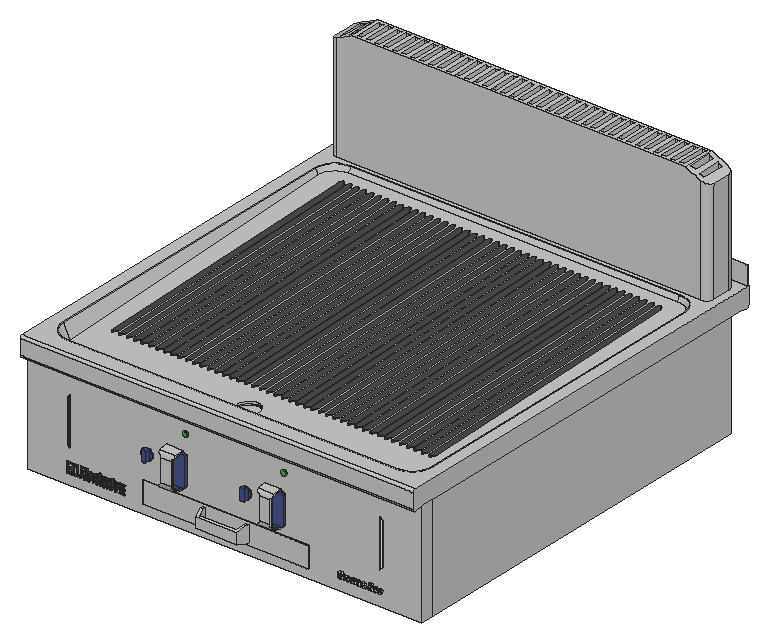
Revit family "QF_ELECTROLUXPROFESSIONAL_593110_MBHNBBHOVO", category Specialty Equipment, Revit 2014
Parameters
  Weight in Pounds = 487.22
  URL Cutsheet = ""
  Type Mark [instance] = ""
  Specification by User [instance] = ""
  Specification by Manufacturer = ""
  Serial Number = ""
  Seismic Rating = ""
  SMACNA No = ""
  Revision Code [instance] = ""
  Omniclass Number and Title = ""
  NAFEM Spec ID Number = ""
  Model = "588557"
  Masterspec = ""
  Manufacturer = "Electrolux Professional"
  Item Number [instance] = ""
  Installed By [instance] = ""
  Identify Quantity as Lot [instance] = yes
  Furnished By [instance] = ""
  Foodservice Equipment Identifier [instance] = yes
  Description = ""
  CSI MasterFormat = ""
  CSI Master Format = ""
Reference planes
  plane 1 "BACK": y = 0
  plane 2: z = 0
  plane 3 "LEFT": x = 0
  plane 4 "RIGHT": x = 800
  plane 5 "FRONT": y = -850
  plane 6 "TOP": z = 900
  plane 7 "Center (Left/Right)": x = 400
  plane 8: y = -425
  plane 9: y = -150
  plane 10: y = -65
  plane 11: y = -813
  plane 12 "GasY": y = -540
  plane 13: z = 938
  plane 14 "BaseTop": z = 650
  plane 15: y = -805
  plane 16 "Camino": y = -50
  plane 17: z = 1131
  plane 18 "GASx": x = 764
  plane 19 "PlaneRibbed": through (-6096, -91.999, 890) normal (0, -0.0262, 0.9997)
Forms (mm)
  Extrusion 1, solid, material "QF_Finishes_Stainless Steel"
    sketch origin (-178.969, -4572, 100) x (-1, 0, 0) y (0, -1, 0)
      loop
        line (-178.969, -4527) -> (-178.969, -3767) -> (-978.969, -3767) -> (-978.969, -4527) -> (-178.969, -4527)
    from 550 to 762.969
  Extrusion 2, solid, material "QF_Finishes_Stainless Steel"
    sketch origin (400, 296.4, 1219.2) x (0, 1, 0) y (0, 0, 1)
      loop
        line (-296.4, -319.2) -> (-1141.4, -319.2)
        arc (-1141.4, -319.2) -> (-1144.935, -320.664) -> (-1146.4, -324.2) r 5
        line (-1146.4, -324.2) -> (-1146.4, -355.2)
        arc (-1146.4, -355.2) -> (-1144.971, -358.264) -> (-1141.705, -359.139) r 4
        line (-1141.705, -359.139) -> (-1126.4, -356.231) -> (-316.4, -356.231) -> (-301.094, -359.139)
        arc (-301.094, -359.139) -> (-297.829, -358.264) -> (-296.4, -355.2) r 4
        line (-296.4, -355.2) -> (-296.4, -319.2)
    from -400 to 400
  Extrusion 3, void
    sketch origin (0, 0, 900) x (-1, 0, 0) y (0, -1, 0)
      loop
        arc (-65, 92) -> (-36.716, 103.716) -> (-25, 132) r 40
        line (-25, 132) -> (-25, 773)
        arc (-25, 773) -> (-36.716, 801.284) -> (-65, 813) r 40
        line (-65, 813) -> (-735, 813)
        arc (-735, 813) -> (-763.284, 801.284) -> (-775, 773) r 40
        line (-775, 773) -> (-775, 132)
        arc (-775, 132) -> (-763.284, 103.716) -> (-735, 92) r 40
        line (-735, 92) -> (-65, 92)
    from 0 to -30
  Extrusion 4, solid, material "QF_Finishes_Stainless Steel"
    sketch origin (400, 296.4, 1219.2) x (0, 1, 0) y (0, 0, 1)
      loop
        line (-296.4, -319.2) -> (-296.4, -281.2) -> (-298.4, -281.2) -> (-298.4, -319.2) -> (-296.4, -319.2)
    from 400 to -400
  Extrusion 5, solid, material "QF_Finishes_Stainless Steel"
    sketch origin (9, 0, 650) x (-1, 0, 0) y (0, -1, 0)
      loop
        circle (-755, 540) r 10.1
    from 0 to -10
  Sweep 6, solid, material "QF_Finishes_Stainless Steel"
    path origin (0, 0, 900) x (-1, 0, 0) y (0, -1, 0)
      loop
        line (-25, 132) -> (-25, 773)
        arc (-25, 773) -> (-36.716, 801.284) -> (-65, 813) r 40
        line (-65, 813) -> (-735, 813)
        arc (-735, 813) -> (-763.284, 801.284) -> (-775, 773) r 40
        line (-775, 773) -> (-775, 132)
        arc (-775, 132) -> (-763.284, 103.716) -> (-735, 92) r 40
        line (-735, 92) -> (-65, 92)
        arc (-65, 92) -> (-36.716, 103.716) -> (-25, 132) r 40
    profile origin (25, -452.5, 900) x (1, 0, 0) y (0, 0, 1)
      loop
        line (0, 0) -> (0, -30) -> (15, -30) -> (0, 0)
  Extrusion 7, void
    sketch origin (305.009, 0, 900) x (-1, 0, 0) y (0, -1, 0)
      loop
        circle (-94.991, 769) r 22.248
    from -32.282 to -6.62
  Extrusion 8, solid, material "QF_Finishes_Stainless Steel"
    sketch origin (0, -50, 900) x (1, 0, 0) y (0, 0, 1)
      loop
        line (15, 0) -> (785, 0) -> (785, 209.869) -> (739.685, 231) -> (60.315, 231) -> (15, 209.869) -> (15, 0)
    from 33 to -33
  Extrusion 9, void
    sketch origin (0, 0, 900) x (-1, 0, 0) y (0, -1, 0)
      loop
        line (-15, 83) -> (-30, 83)
        arc (-30, 83) -> (-19.393, 78.607) -> (-15, 68) r 15
        line (-15, 68) -> (-15, 83)
      loop
        line (-15, 17) -> (-15, 32)
        arc (-15, 32) -> (-19.393, 21.393) -> (-30, 17) r 15
        line (-30, 17) -> (-15, 17)
      loop
        line (-785, 83) -> (-785, 68)
        arc (-785, 68) -> (-780.607, 78.607) -> (-770, 83) r 15
        line (-770, 83) -> (-785, 83)
      loop
        line (-785, 17) -> (-770, 17)
        arc (-770, 17) -> (-780.607, 21.393) -> (-785, 32) r 15
        line (-785, 32) -> (-785, 17)
      loop
        line (-413.234, 23) -> (-413.234, 77) -> (-423.234, 77) -> (-423.234, 23) -> (-413.234, 23)
      loop
        line (-395, 23) -> (-395, 77) -> (-405, 77) -> (-405, 23) -> (-395, 23)
      loop
        line (-431.469, 23) -> (-431.469, 77) -> (-441.469, 77) -> (-441.469, 23) -> (-431.469, 23)
      loop
        line (-449.703, 23) -> (-449.703, 77) -> (-459.703, 77) -> (-459.703, 23) -> (-449.703, 23)
      loop
        line (-467.938, 23) -> (-467.938, 77) -> (-477.938, 77) -> (-477.938, 23) -> (-467.938, 23)
      loop
        line (-486.172, 23) -> (-486.172, 77) -> (-496.172, 77) -> (-496.172, 23) -> (-486.172, 23)
      loop
        line (-504.406, 23) -> (-504.406, 77) -> (-514.406, 77) -> (-514.406, 23) -> (-504.406, 23)
      loop
        line (-522.641, 23) -> (-522.641, 77) -> (-532.641, 77) -> (-532.641, 23) -> (-522.641, 23)
      loop
        line (-540.875, 23) -> (-540.875, 77) -> (-550.875, 77) -> (-550.875, 23) -> (-540.875, 23)
      loop
        line (-559.109, 23) -> (-559.109, 77) -> (-569.109, 77) -> (-569.109, 23) -> (-559.109, 23)
      loop
        line (-577.344, 23) -> (-577.344, 77) -> (-587.344, 77) -> (-587.344, 23) -> (-577.344, 23)
      loop
        line (-595.578, 23) -> (-595.578, 77) -> (-605.578, 77) -> (-605.578, 23) -> (-595.578, 23)
      loop
        line (-613.813, 23) -> (-613.813, 77) -> (-623.813, 77) -> (-623.813, 23) -> (-613.813, 23)
      loop
        line (-632.047, 23) -> (-632.047, 77) -> (-642.047, 77) -> (-642.047, 23) -> (-632.047, 23)
      loop
        line (-650.281, 23) -> (-650.281, 77) -> (-660.281, 77) -> (-660.281, 23) -> (-650.281, 23)
      loop
        line (-668.516, 23) -> (-668.516, 77) -> (-678.516, 77) -> (-678.516, 23) -> (-668.516, 23)
      loop
        line (-686.75, 23) -> (-686.75, 77) -> (-696.75, 77) -> (-696.75, 23) -> (-686.75, 23)
      loop
        line (-704.985, 23) -> (-704.985, 77) -> (-714.985, 77) -> (-714.985, 23) -> (-704.985, 23)
      loop
        line (-723.219, 23) -> (-723.219, 77) -> (-733.219, 77) -> (-733.219, 23) -> (-723.219, 23)
      loop
        line (-741.453, 26) -> (-741.453, 74) -> (-751.453, 74) -> (-751.453, 26) -> (-741.453, 26)
      loop
        line (-759.688, 26) -> (-759.688, 74) -> (-769.688, 74) -> (-769.688, 26) -> (-759.688, 26)
      loop
        line (-386.766, 23) -> (-376.766, 23) -> (-376.766, 77) -> (-386.766, 77) -> (-386.766, 23)
      loop
        line (-368.531, 23) -> (-358.531, 23) -> (-358.531, 77) -> (-368.531, 77) -> (-368.531, 23)
      loop
        line (-350.297, 23) -> (-340.297, 23) -> (-340.297, 77) -> (-350.297, 77) -> (-350.297, 23)
      loop
        line (-332.062, 23) -> (-322.062, 23) -> (-322.062, 77) -> (-332.062, 77) -> (-332.062, 23)
      loop
        line (-313.828, 23) -> (-303.828, 23) -> (-303.828, 77) -> (-313.828, 77) -> (-313.828, 23)
      loop
        line (-295.594, 23) -> (-285.594, 23) -> (-285.594, 77) -> (-295.594, 77) -> (-295.594, 23)
      loop
        line (-277.359, 23) -> (-267.359, 23) -> (-267.359, 77) -> (-277.359, 77) -> (-277.359, 23)
      loop
        line (-259.125, 23) -> (-249.125, 23) -> (-249.125, 77) -> (-259.125, 77) -> (-259.125, 23)
      loop
        line (-240.891, 23) -> (-230.891, 23) -> (-230.891, 77) -> (-240.891, 77) -> (-240.891, 23)
      loop
        line (-222.656, 23) -> (-212.656, 23) -> (-212.656, 77) -> (-222.656, 77) -> (-222.656, 23)
      loop
        line (-204.422, 23) -> (-194.422, 23) -> (-194.422, 77) -> (-204.422, 77) -> (-204.422, 23)
      loop
        line (-186.187, 23) -> (-176.187, 23) -> (-176.187, 77) -> (-186.187, 77) -> (-186.187, 23)
      loop
        line (-167.953, 23) -> (-157.953, 23) -> (-157.953, 77) -> (-167.953, 77) -> (-167.953, 23)
      loop
        line (-149.719, 23) -> (-139.719, 23) -> (-139.719, 77) -> (-149.719, 77) -> (-149.719, 23)
      loop
        line (-131.484, 23) -> (-121.484, 23) -> (-121.484, 77) -> (-131.484, 77) -> (-131.484, 23)
      loop
        line (-113.25, 23) -> (-103.25, 23) -> (-103.25, 77) -> (-113.25, 77) -> (-113.25, 23)
      loop
        line (-95.015, 23) -> (-85.015, 23) -> (-85.015, 77) -> (-95.015, 77) -> (-95.015, 23)
      loop
        line (-76.781, 23) -> (-66.781, 23) -> (-66.781, 77) -> (-76.781, 77) -> (-76.781, 23)
      loop
        line (-58.547, 26) -> (-48.547, 26) -> (-48.547, 74) -> (-58.547, 74) -> (-58.547, 26)
      loop
        line (-40.312, 26) -> (-30.312, 26) -> (-30.312, 74) -> (-40.312, 74) -> (-40.312, 26)
    from 231 to 0
  Extrusion 10, solid, material "QF_Finishes_Stainless Steel"
    sketch origin (400, 296.4, 1219.2) x (0, 1, 0) y (0, 0, 1)
      loop
        line (-1109.4, -349.2) -> (-388.4, -349.2) -> (-388.4, -329.2) -> (-1109.4, -347.5) -> (-1109.4, -349.2)
    from -375 to 375
  Extrusion 11, void
    sketch origin (305.009, 0, 900) x (-1, 0, 0) y (0, -1, 0)
      loop
        circle (-94.991, 769) r 22.248
    from -32.282 to -6.62
Cuts and joins
  Extrusion 3, Extrusion 7, Extrusion 9, Extrusion 11 cuts Extrusion 2
  Extrusion 9 cuts Extrusion 8
  Extrusion 11 cuts Sweep 6
  Extrusion 11 cuts Extrusion 10
  joined: Sweep 6, Extrusion 10
Lines and regions (mm)
  symbolic lines
    curve 1: line (0, 0, 100) -> (800, 0, 100)
    curve 2: line (0, -850, 100) -> (0, 0, 100)
    curve 3: line (800, -850, 100) -> (0, -850, 100)
    curve 4: line (800, 0, 100) -> (800, -850, 100)
    curve 5: line (0, -2, 0) -> (800, -2, 0)
    curve 6: line (734.029, -92, 0) -> (65.29, -92, 0)
    curve 7: line (65.29, -813, 0) -> (734.029, -813, 0)
    curve 8: line (65, -107, 900) -> (735, -107, 900)
    curve 9: line (735, -798, 900) -> (65, -798, 900)
    curve 10: arc (760, -773, 900) -> (752.678, -790.678, 900) -> (735, -798, 900) r 25
    curve 11: line (760, -132, 900) -> (760, -773, 900)
    curve 12: arc (735, -107, 900) -> (752.678, -114.322, 900) -> (760, -132, 900) r 25
    curve 13: circle (400, -769, 900) r 22.248 normal (0, 0, 1)
    curve 14: arc (90.5, -112.483, 900) -> (62.314, -124.096, 900) -> (50.5, -152.198, 900) r 39.994
    curve 15: line (90.5, -112.482, 900) -> (710.5, -112.482, 900)
    curve 16: line (50.5, -686.082, 900) -> (50.5, -152.198, 900)
    curve 17: arc (50.5, -686.082, 900) -> (62.314, -714.184, 900) -> (90.5, -725.797, 900) r 39.994
    curve 18: line (710.5, -725.798, 900) -> (90.5, -725.798, 900)
    curve 19: line (40.29, -731.526, 900) -> (760, -731.526, 900)
    curve 20: line (40.29, -741.526, 900) -> (760, -741.526, 900)
    curve 21: arc (65, -92, 900) -> (36.716, -103.716, 900) -> (25, -132, 900) r 40
    curve 22: line (25, -132, 900) -> (25, -773, 900)
    curve 23: arc (25, -773, 900) -> (36.716, -801.284, 900) -> (65, -813, 900) r 40
    curve 24: arc (735, -813, 900) -> (763.284, -801.284, 900) -> (775, -773, 900) r 40
    curve 25: line (775, -773, 900) -> (775, -132, 900)
    curve 26: arc (775, -132, 900) -> (763.284, -103.716, 900) -> (735, -92, 900) r 40
    curve 27: arc (709.5, -112.483, 900) -> (737.686, -124.096, 900) -> (749.5, -152.198, 900) r 39.994
    curve 28: line (749.5, -686.082, 900) -> (749.5, -152.198, 900)
    curve 29: arc (749.5, -686.082, 900) -> (737.686, -714.184, 900) -> (709.5, -725.797, 900) r 39.994
    curve 30: arc (65, -798, 900) -> (47.322, -790.678, 900) -> (40, -773, 900) r 25
    curve 31: line (40, -773, 900) -> (40, -132, 900)
    curve 32: arc (40, -132, 900) -> (47.322, -114.322, 900) -> (65, -107, 900) r 25
    curve 33: line (30, -83, 650) -> (770, -83, 650)
    curve 34: line (770, -17, 650) -> (30, -17, 650)
    curve 35: arc (15, -32, 650) -> (19.393, -21.393, 650) -> (30, -17, 650) r 15
    curve 36: line (15, -32, 650) -> (15, -68, 650)
    curve 37: arc (30, -83, 650) -> (19.393, -78.607, 650) -> (15, -68, 650) r 15
    curve 38: arc (785, -68, 650) -> (780.607, -78.607, 650) -> (770, -83, 650) r 15
    curve 39: line (785, -68, 650) -> (785, -32, 650)
    curve 40: arc (770, -17, 650) -> (780.607, -21.393, 650) -> (785, -32, 650) r 15
    curve 41: line (30.312, -26, 650) -> (30.312, -74, 650)
    curve 42: line (40.312, -26, 650) -> (30.312, -26, 650)
    curve 43: line (30.312, -74, 650) -> (40.312, -74, 650)
    curve 44: line (40.312, -74, 650) -> (40.312, -26, 650)
    curve 45: line (48.547, -74, 650) -> (58.547, -74, 650)
    curve 46: line (48.547, -26, 650) -> (48.547, -74, 650)
    curve 47: line (58.547, -26, 650) -> (48.547, -26, 650)
    curve 48: line (58.547, -74, 650) -> (58.547, -26, 650)
    curve 49: line (66.781, -23, 650) -> (66.781, -77, 650)
    curve 50: line (66.781, -23, 650) -> (76.781, -23, 650)
    curve 51: line (76.781, -23, 650) -> (76.781, -77, 650)
    curve 52: line (76.781, -77, 650) -> (66.781, -77, 650)
    curve 53: line (85.015, -23, 650) -> (85.015, -77, 650)
    curve 54: line (85.015, -23, 650) -> (95.015, -23, 650)
    curve 55: line (95.015, -23, 650) -> (95.015, -77, 650)
    curve 56: line (95.015, -77, 650) -> (85.015, -77, 650)
    curve 57: line (103.25, -23, 650) -> (103.25, -77, 650)
    curve 58: line (103.25, -23, 650) -> (113.25, -23, 650)
    curve 59: line (113.25, -23, 650) -> (113.25, -77, 650)
    curve 60: line (113.25, -77, 650) -> (103.25, -77, 650)
    curve 61: line (121.484, -23, 650) -> (121.484, -77, 650)
    curve 62: line (121.484, -23, 650) -> (131.484, -23, 650)
    curve 63: line (131.484, -23, 650) -> (131.484, -77, 650)
    curve 64: line (131.484, -77, 650) -> (121.484, -77, 650)
    curve 65: line (139.719, -23, 650) -> (139.719, -77, 650)
    curve 66: line (139.719, -23, 650) -> (149.719, -23, 650)
    curve 67: line (149.719, -23, 650) -> (149.719, -77, 650)
    curve 68: line (149.719, -77, 650) -> (139.719, -77, 650)
    curve 69: line (157.953, -23, 650) -> (157.953, -77, 650)
    curve 70: line (157.953, -23, 650) -> (167.953, -23, 650)
    curve 71: line (167.953, -23, 650) -> (167.953, -77, 650)
    curve 72: line (167.953, -77, 650) -> (157.953, -77, 650)
    curve 73: line (176.187, -23, 650) -> (176.187, -77, 650)
    curve 74: line (176.187, -23, 650) -> (186.187, -23, 650)
    curve 75: line (186.187, -23, 650) -> (186.187, -77, 650)
    curve 76: line (186.187, -77, 650) -> (176.187, -77, 650)
    curve 77: line (194.422, -23, 650) -> (194.422, -77, 650)
    curve 78: line (194.422, -23, 650) -> (204.422, -23, 650)
    curve 79: line (204.422, -23, 650) -> (204.422, -77, 650)
    curve 80: line (204.422, -77, 650) -> (194.422, -77, 650)
    curve 81: line (212.656, -23, 650) -> (212.656, -77, 650)
    curve 82: line (212.656, -23, 650) -> (222.656, -23, 650)
    curve 83: line (222.656, -23, 650) -> (222.656, -77, 650)
    curve 84: line (222.656, -77, 650) -> (212.656, -77, 650)
    curve 85: line (230.891, -23, 650) -> (230.891, -77, 650)
    curve 86: line (230.891, -23, 650) -> (240.891, -23, 650)
    curve 87: line (240.891, -23, 650) -> (240.891, -77, 650)
    curve 88: line (240.891, -77, 650) -> (230.891, -77, 650)
    curve 89: line (249.125, -23, 650) -> (249.125, -77, 650)
    curve 90: line (249.125, -23, 650) -> (259.125, -23, 650)
    curve 91: line (259.125, -23, 650) -> (259.125, -77, 650)
    curve 92: line (259.125, -77, 650) -> (249.125, -77, 650)
    curve 93: line (267.359, -23, 650) -> (267.359, -77, 650)
    curve 94: line (267.359, -23, 650) -> (277.359, -23, 650)
    curve 95: line (277.359, -23, 650) -> (277.359, -77, 650)
    curve 96: line (277.359, -77, 650) -> (267.359, -77, 650)
    curve 97: line (285.594, -23, 650) -> (285.594, -77, 650)
    curve 98: line (285.594, -23, 650) -> (295.594, -23, 650)
    curve 99: line (295.594, -23, 650) -> (295.594, -77, 650)
    curve 100: line (295.594, -77, 650) -> (285.594, -77, 650)
    curve 101: line (303.828, -23, 650) -> (303.828, -77, 650)
    curve 102: line (303.828, -23, 650) -> (313.828, -23, 650)
    curve 103: line (313.828, -23, 650) -> (313.828, -77, 650)
    curve 104: line (313.828, -77, 650) -> (303.828, -77, 650)
    curve 105: line (322.062, -23, 650) -> (322.062, -77, 650)
    curve 106: line (322.062, -23, 650) -> (332.062, -23, 650)
    curve 107: line (332.062, -23, 650) -> (332.062, -77, 650)
    curve 108: line (332.062, -77, 650) -> (322.062, -77, 650)
    curve 109: line (340.297, -23, 650) -> (340.297, -77, 650)
    curve 110: line (340.297, -23, 650) -> (350.297, -23, 650)
    curve 111: line (350.297, -23, 650) -> (350.297, -77, 650)
    curve 112: line (350.297, -77, 650) -> (340.297, -77, 650)
    curve 113: line (358.531, -23, 650) -> (358.531, -77, 650)
    curve 114: line (358.531, -23, 650) -> (368.531, -23, 650)
    curve 115: line (368.531, -23, 650) -> (368.531, -77, 650)
    curve 116: line (368.531, -77, 650) -> (358.531, -77, 650)
    curve 117: line (376.766, -23, 650) -> (376.766, -77, 650)
    curve 118: line (376.766, -23, 650) -> (386.766, -23, 650)
    curve 119: line (386.766, -23, 650) -> (386.766, -77, 650)
    curve 120: line (386.766, -77, 650) -> (376.766, -77, 650)
    curve 121: line (395, -23, 650) -> (395, -77, 650)
    curve 122: line (395, -23, 650) -> (405, -23, 650)
    curve 123: line (405, -23, 650) -> (405, -77, 650)
    curve 124: line (405, -77, 650) -> (395, -77, 650)
    curve 125: line (413.234, -23, 650) -> (413.234, -77, 650)
    curve 126: line (413.234, -23, 650) -> (423.234, -23, 650)
    curve 127: line (423.234, -23, 650) -> (423.234, -77, 650)
    curve 128: line (423.234, -77, 650) -> (413.234, -77, 650)
    curve 129: line (431.469, -23, 650) -> (431.469, -77, 650)
    curve 130: line (431.469, -23, 650) -> (441.469, -23, 650)
    curve 131: line (441.469, -23, 650) -> (441.469, -77, 650)
    curve 132: line (441.469, -77, 650) -> (431.469, -77, 650)
    curve 133: line (449.703, -23, 650) -> (449.703, -77, 650)
    curve 134: line (449.703, -23, 650) -> (459.703, -23, 650)
    curve 135: line (459.703, -23, 650) -> (459.703, -77, 650)
    curve 136: line (459.703, -77, 650) -> (449.703, -77, 650)
    curve 137: line (467.938, -23, 650) -> (467.938, -77, 650)
    curve 138: line (467.938, -23, 650) -> (477.938, -23, 650)
    curve 139: line (477.938, -23, 650) -> (477.938, -77, 650)
    curve 140: line (477.938, -77, 650) -> (467.938, -77, 650)
    curve 141: line (486.172, -23, 650) -> (486.172, -77, 650)
    curve 142: line (486.172, -23, 650) -> (496.172, -23, 650)
    curve 143: line (496.172, -23, 650) -> (496.172, -77, 650)
    curve 144: line (496.172, -77, 650) -> (486.172, -77, 650)
    curve 145: line (504.406, -23, 650) -> (504.406, -77, 650)
    curve 146: line (504.406, -23, 650) -> (514.406, -23, 650)
    curve 147: line (514.406, -23, 650) -> (514.406, -77, 650)
    curve 148: line (514.406, -77, 650) -> (504.406, -77, 650)
    curve 149: line (522.641, -23, 650) -> (522.641, -77, 650)
    curve 150: line (522.641, -23, 650) -> (532.641, -23, 650)
    curve 151: line (532.641, -23, 650) -> (532.641, -77, 650)
    curve 152: line (532.641, -77, 650) -> (522.641, -77, 650)
    curve 153: line (540.875, -23, 650) -> (540.875, -77, 650)
    curve 154: line (540.875, -23, 650) -> (550.875, -23, 650)
    curve 155: line (550.875, -23, 650) -> (550.875, -77, 650)
    curve 156: line (550.875, -77, 650) -> (540.875, -77, 650)
    curve 157: line (559.109, -23, 650) -> (559.109, -77, 650)
    curve 158: line (559.109, -23, 650) -> (569.109, -23, 650)
    curve 159: line (569.109, -23, 650) -> (569.109, -77, 650)
    curve 160: line (569.109, -77, 650) -> (559.109, -77, 650)
    curve 161: line (577.344, -23, 650) -> (577.344, -77, 650)
    curve 162: line (577.344, -23, 650) -> (587.344, -23, 650)
    curve 163: line (587.344, -23, 650) -> (587.344, -77, 650)
    curve 164: line (587.344, -77, 650) -> (577.344, -77, 650)
    curve 165: line (595.578, -23, 650) -> (595.578, -77, 650)
    curve 166: line (595.578, -23, 650) -> (605.578, -23, 650)
    curve 167: line (605.578, -23, 650) -> (605.578, -77, 650)
    curve 168: line (605.578, -77, 650) -> (595.578, -77, 650)
    curve 169: line (613.813, -23, 650) -> (613.813, -77, 650)
    curve 170: line (613.813, -23, 650) -> (623.813, -23, 650)
    curve 171: line (623.813, -23, 650) -> (623.813, -77, 650)
    curve 172: line (623.813, -77, 650) -> (613.813, -77, 650)
    curve 173: line (632.047, -23, 650) -> (632.047, -77, 650)
    curve 174: line (632.047, -23, 650) -> (642.047, -23, 650)
    curve 175: line (642.047, -23, 650) -> (642.047, -77, 650)
    curve 176: line (642.047, -77, 650) -> (632.047, -77, 650)
    curve 177: line (650.281, -23, 650) -> (650.281, -77, 650)
    curve 178: line (650.281, -23, 650) -> (660.281, -23, 650)
    curve 179: line (660.281, -23, 650) -> (660.281, -77, 650)
    curve 180: line (660.281, -77, 650) -> (650.281, -77, 650)
    curve 181: line (668.516, -23, 650) -> (668.516, -77, 650)
    curve 182: line (668.516, -23, 650) -> (678.516, -23, 650)
    curve 183: line (678.516, -23, 650) -> (678.516, -77, 650)
    curve 184: line (678.516, -77, 650) -> (668.516, -77, 650)
    curve 185: line (686.75, -23, 650) -> (686.75, -77, 650)
    curve 186: line (686.75, -23, 650) -> (696.75, -23, 650)
    curve 187: line (696.75, -23, 650) -> (696.75, -77, 650)
    curve 188: line (696.75, -77, 650) -> (686.75, -77, 650)
    curve 189: line (704.985, -23, 650) -> (704.985, -77, 650)
    curve 190: line (704.985, -23, 650) -> (714.985, -23, 650)
    curve 191: line (714.985, -23, 650) -> (714.985, -77, 650)
    curve 192: line (714.985, -77, 650) -> (704.985, -77, 650)
    curve 193: line (723.219, -23, 650) -> (723.219, -77, 650)
    curve 194: line (723.219, -23, 650) -> (733.219, -23, 650)
    curve 195: line (733.219, -23, 650) -> (733.219, -77, 650)
    curve 196: line (733.219, -77, 650) -> (723.219, -77, 650)
    curve 197: line (741.453, -26, 650) -> (741.453, -74, 650)
    curve 198: line (741.453, -26, 650) -> (751.453, -26, 650)
    curve 199: line (751.453, -26, 650) -> (751.453, -74, 650)
    curve 200: line (751.453, -74, 650) -> (741.453, -74, 650)
    curve 201: line (759.688, -26, 650) -> (759.688, -74, 650)
    curve 202: line (759.688, -26, 650) -> (769.688, -26, 650)
    curve 203: line (769.688, -26, 650) -> (769.688, -74, 650)
    curve 204: line (769.688, -74, 650) -> (759.688, -74, 650)
Dimensions and locks
  plane 3 "LEFT" to plane 4 "RIGHT" = 800 mm
  locked: plane 5 "FRONT" to plane 1 "BACK" at 850
  plane 3 "LEFT" to plane 7 "Center (Left/Right)" to plane 4 "RIGHT" = 400 mm, 400 mm
  equal spacing: plane 5 "FRONT", plane 8, plane 1 "BACK"
  plane 6 "TOP" to level = 900 mm  (x2)
  plane 1 "BACK" to plane 9 = 150 mm
  plane 12 "GasY" to plane 1 "BACK" = 540 mm
  plane 13 to plane 6 "TOP" = 38 mm
  plane 10 to plane 1 "BACK" = 65 mm
  plane 5 "FRONT" to plane 11 = 37 mm
  locked: plane 6 "TOP" to plane 14 "BaseTop" at 250
  locked: plane 15 to plane 5 "FRONT" at 45
  plane 16 "Camino" to plane 1 "BACK" = 50 mm
  plane 17 to plane 6 "TOP" = 231 mm
  plane 18 "GASx" to plane 4 "RIGHT" = 36 mm
  aligned and locked: level to plane 2
  aligned and locked: cut or joined group of Extrusion 2, Extrusion 3, Extrusion 7, Extrusion 9, Extrusion 11 to plane 3 "LEFT"
  aligned and locked: cut or joined group of Extrusion 2, Extrusion 3, Extrusion 7, Extrusion 9, Extrusion 11 to plane 4 "RIGHT"
  aligned and locked: nested 1 to plane 15
  aligned and locked: Extrusion 1 to plane 15
  aligned and locked: Extrusion 4 to plane 3 "LEFT"
  aligned and locked: Extrusion 4 to plane 4 "RIGHT"
  aligned and locked: plane 3 "LEFT" to nested 1
Automatic sketch dimensions
  curve 5 to plane 3 "LEFT" = 0 mm
  plane 11 to curve 7 = 0 mm
  curve 5 to plane 4 "RIGHT" = 0 mm
  plane 10 to curve 6 = 27 mm
  plane 3 "LEFT" to curve 6 = 65.29 mm
  plane 3 "LEFT" to curve 7 = 65.29 mm
  plane 18 "GASx" to curve 6 = 29.971 mm
  plane 18 "GASx" to curve 7 = 29.971 mm
  plane 1 "BACK" to curve 5 = 2 mm
  Extrusion 1 sketch curve to plane 4 "RIGHT" = 0 mm
  Extrusion 1 sketch curve to plane 3 "LEFT" = 0 mm
  Extrusion 1 sketch curve to plane 15 = 0 mm
  Extrusion 1 sketch curve to plane 16 "Camino" = 5 mm
  plane 1 "BACK" to curve 1 = 0 mm
  curve 1 to plane 4 "RIGHT" = 0 mm
  curve 3 to plane 3 "LEFT" = 0 mm
  plane 5 "FRONT" to curve 3 = 0 mm
  Extrusion 2 sketch curve to plane 5 "FRONT" = 0 mm
  Extrusion 2 sketch curve to plane 6 "TOP" = 0 mm
  Extrusion 2 sketch curve to plane 1 "BACK" = 0 mm
  Extrusion 2 sketch curve to Extrusion 2 sketch curve = 4 mm
  Extrusion 2 sketch curve to Extrusion 2 sketch curve = 0.695 mm
  Extrusion 2 sketch curve to plane 5 "FRONT" = 5 mm
  Extrusion 2 sketch curve to Extrusion 2 sketch curve = 15.305 mm
  plane 1 "BACK" to Extrusion 2 sketch curve = 20 mm
  plane 1 "BACK" to Extrusion 2 sketch curve = 4.695 mm
  plane 1 "BACK" to Extrusion 2 sketch curve = 4 mm
  Extrusion 2 sketch curve to Extrusion 2 sketch curve = 31 mm
  Extrusion 2 sketch curve to Extrusion 2 sketch curve = 36 mm
  Extrusion 2 sketch curve to Extrusion 2 sketch curve = 2.909 mm
  plane 11 to Extrusion 3 sketch curve = 0 mm
  Extrusion 3 sketch curve to plane 18 "GASx" = 11 mm
  plane 18 "GASx" to Extrusion 3 sketch curve = 29 mm  (x2)
  plane 3 "LEFT" to Extrusion 3 sketch curve = 65 mm  (x2)
  plane 9 to Extrusion 3 sketch curve = 18 mm
  plane 3 "LEFT" to Extrusion 3 sketch curve = 25 mm
  curve 10 to curve 24 = 0 mm  (x2)
  curve 12 to curve 26 = 0 mm  (x2)
  curve 21 to curve 32 = 0 mm  (x2)
  curve 23 to curve 30 = 0 mm  (x2)
  plane 11 to curve 24 = 0 mm
  curve 13 to plane 7 "Center (Left/Right)" = 0 mm
  plane 11 to curve 23 = 0 mm
  curve 29 to plane 12 "GasY" = 145.803 mm
  plane 18 "GASx" to curve 29 = 54.493 mm
  curve 27 to plane 9 = 2.477 mm
  plane 18 "GASx" to curve 27 = 54.493 mm
  plane 9 to curve 12 = 18 mm
  plane 18 "GASx" to curve 12 = 29 mm
  plane 18 "GASx" to curve 24 = 29 mm
  curve 28 to plane 9 = 2.198 mm
  plane 18 "GASx" to curve 28 = 14.5 mm
  plane 18 "GASx" to curve 11 = 4 mm
  curve 25 to plane 18 "GASx" = 11 mm
  curve 17 to plane 12 "GasY" = 145.803 mm
  plane 3 "LEFT" to curve 17 = 90.493 mm
  curve 14 to plane 9 = 2.477 mm
  plane 3 "LEFT" to curve 14 = 90.493 mm
  curve 14 to curve 21 = 25.493 mm
  curve 23 to plane 11 = 40 mm
  plane 3 "LEFT" to curve 23 = 65 mm
  curve 17 to curve 16 = 39.993 mm
  curve 16 to plane 9 = 2.198 mm
  curve 16 to plane 12 "GasY" = 146.082 mm
  curve 28 to plane 12 "GasY" = 146.082 mm
  curve 13 to plane 11 = 44 mm
  curve 8 to curve 27 = 25.5 mm
  curve 29 to curve 29 = 0.007 mm
  curve 15 to curve 27 = 1 mm
  curve 18 to curve 29 = 1 mm
  curve 18 to curve 17 = 0.007 mm
  curve 15 to curve 8 = 25.5 mm
  curve 15 to curve 14 = 0 mm
  curve 18 to curve 17 = 0 mm
  curve 20 to curve 30 = 0.29 mm
  curve 19 to curve 20 = 0 mm
  curve 15 to curve 14 = 0.001 mm
  curve 29 to curve 18 = 0.001 mm
  curve 19 to curve 30 = 41.474 mm
  curve 19 to curve 20 = 10 mm
  Extrusion 4 sketch curve to plane 6 "TOP" = 0 mm
  Extrusion 4 sketch curve to plane 13 = 0 mm
  Extrusion 4 sketch curve to plane 1 "BACK" = 0 mm
  Extrusion 4 sketch curve to Extrusion 4 sketch curve = 2 mm
  Extrusion 5 sketch curve to plane 12 "GasY" = 0 mm
  Extrusion 5 sketch curve to plane 18 "GASx" = 0 mm
  plane 11 to Sweep 6 sketch curve = 0 mm
  Sweep 6 sketch curve to plane 18 "GASx" = 11 mm
  plane 18 "GASx" to Sweep 6 sketch curve = 29 mm  (x2)
  plane 3 "LEFT" to Sweep 6 sketch curve = 65 mm  (x2)
  plane 10 to Sweep 6 sketch curve = 27 mm
  plane 3 "LEFT" to Sweep 6 sketch curve = 25 mm
  profile plane to Sweep 6 sketch curve = 0 mm
  Sweep 6 sketch curve to plane 6 "TOP" = 0 mm
  Sweep 6 sketch curve to profile plane = 15 mm
  Sweep 6 sketch curve to plane 6 "TOP" = 30 mm
  Extrusion 7 sketch curve to plane 7 "Center (Left/Right)" = 0 mm
  Extrusion 7 sketch curve to plane 11 = 44 mm
  Extrusion 7 sketch curve to plane 7 "Center (Left/Right)" = 12.288 mm
  Extrusion 7 sketch curve to Extrusion 7 sketch curve = 0 mm
  Extrusion 7 sketch curve to Extrusion 7 sketch curve = 18.547 mm
  Extrusion 8 sketch curve to plane 6 "TOP" = 0 mm
  Extrusion 8 sketch curve to plane 17 = 0 mm
  plane 3 "LEFT" to Extrusion 8 sketch curve = 15 mm
  Extrusion 8 sketch curve to Extrusion 8 sketch curve = 45.315 mm
  plane 18 "GASx" to Extrusion 8 sketch curve = 24.315 mm
  plane 4 "RIGHT" to Extrusion 8 sketch curve = 15 mm
  Extrusion 8 sketch curve to plane 17 = 21.131 mm  (x2)
  plane 10 to Extrusion 9 sketch curve = 3 mm  (x2)
  plane 4 "RIGHT" to Extrusion 9 sketch curve = 15 mm  (x2)
  Extrusion 9 sketch curve to plane 18 "GASx" = 6 mm  (x2)
  Extrusion 9 sketch curve to plane 18 "GASx" = 5.688 mm
  plane 18 "GASx" to Extrusion 9 sketch curve = 4.312 mm
  Extrusion 9 sketch curve to Extrusion 9 sketch curve = 8.234 mm  (x39)
  Extrusion 9 sketch curve to Extrusion 9 sketch curve = 10 mm  (x39)
  plane 7 "Center (Left/Right)" to Extrusion 9 sketch curve = 5 mm
  Extrusion 9 sketch curve to plane 7 "Center (Left/Right)" = 5 mm
  Extrusion 9 sketch curve to Extrusion 9 sketch curve = 0.312 mm  (x2)
  Extrusion 9 sketch curve to Extrusion 9 sketch curve = 15 mm  (x2)
  Extrusion 9 sketch curve to plane 16 "Camino" = 18 mm  (x2)
  Extrusion 9 sketch curve to plane 16 "Camino" = 24 mm
  Extrusion 9 sketch curve to Extrusion 9 sketch curve = 6 mm  (x2)
  Extrusion 9 sketch curve to Extrusion 9 sketch curve = 0 mm  (x67)
  plane 1 "BACK" to Extrusion 9 sketch curve = 23 mm  (x2)
  Extrusion 9 sketch curve to Extrusion 9 sketch curve = 3 mm  (x3)
  plane 10 to Extrusion 9 sketch curve = 9 mm  (x3)
  plane 10 to Extrusion 9 sketch curve = 12 mm  (x4)
  plane 10 to curve 39 = 3 mm
  plane 4 "RIGHT" to curve 39 = 15 mm
  curve 34 to plane 18 "GASx" = 6 mm
  curve 33 to plane 18 "GASx" = 6 mm
  curve 203 to plane 18 "GASx" = 5.688 mm
  plane 18 "GASx" to curve 202 = 4.312 mm
  curve 201 to curve 198 = 8.234 mm
  curve 198 to curve 198 = 10 mm
  curve 197 to curve 194 = 8.234 mm
  curve 195 to curve 196 = 10 mm
  curve 193 to curve 192 = 8.234 mm
  curve 190 to curve 190 = 10 mm
  curve 189 to curve 186 = 8.234 mm
  curve 186 to curve 186 = 10 mm
  curve 185 to curve 182 = 8.234 mm
  curve 183 to curve 184 = 10 mm
  curve 181 to curve 180 = 8.234 mm
  curve 178 to curve 178 = 10 mm
  curve 177 to curve 174 = 8.234 mm
  curve 174 to curve 174 = 10 mm
  curve 173 to curve 170 = 8.234 mm
  curve 171 to curve 172 = 10 mm
  curve 169 to curve 168 = 8.234 mm
  curve 166 to curve 166 = 10 mm
  curve 165 to curve 162 = 8.234 mm
  curve 162 to curve 162 = 10 mm
  curve 161 to curve 158 = 8.234 mm
  curve 159 to curve 160 = 10 mm
  curve 157 to curve 156 = 8.234 mm
  curve 154 to curve 154 = 10 mm
  curve 153 to curve 150 = 8.234 mm
  curve 150 to curve 150 = 10 mm
  curve 149 to curve 146 = 8.234 mm
  curve 147 to curve 148 = 10 mm
  curve 145 to curve 144 = 8.234 mm
  curve 142 to curve 142 = 10 mm
  curve 141 to curve 138 = 8.234 mm
  curve 138 to curve 138 = 10 mm
  curve 137 to curve 134 = 8.234 mm
  curve 135 to curve 136 = 10 mm
  curve 133 to curve 132 = 8.234 mm
  curve 130 to curve 130 = 10 mm
  curve 129 to curve 126 = 8.234 mm
  curve 126 to curve 126 = 10 mm
  plane 7 "Center (Left/Right)" to curve 123 = 5 mm
  curve 121 to plane 7 "Center (Left/Right)" = 5 mm
  curve 121 to curve 120 = 8.234 mm
  curve 118 to curve 117 = 10 mm
  curve 117 to curve 116 = 8.234 mm
  curve 114 to curve 114 = 10 mm
  curve 113 to curve 110 = 8.234 mm
  curve 110 to curve 110 = 10 mm
  curve 109 to curve 106 = 8.234 mm
  curve 107 to curve 108 = 10 mm
  curve 105 to curve 104 = 8.234 mm
  curve 102 to curve 102 = 10 mm
  curve 101 to curve 98 = 8.234 mm
  curve 98 to curve 98 = 10 mm
  curve 97 to curve 94 = 8.234 mm
  curve 95 to curve 96 = 10 mm
  curve 93 to curve 92 = 8.234 mm
  curve 90 to curve 90 = 10 mm
  curve 89 to curve 86 = 8.234 mm
  curve 86 to curve 86 = 10 mm
  curve 85 to curve 82 = 8.234 mm
  curve 83 to curve 84 = 10 mm
  curve 81 to curve 80 = 8.234 mm
  curve 78 to curve 78 = 10 mm
  curve 77 to curve 74 = 8.234 mm
  curve 74 to curve 74 = 10 mm
  curve 73 to curve 70 = 8.234 mm
  curve 70 to curve 70 = 10 mm
  curve 69 to curve 66 = 8.234 mm
  curve 67 to curve 68 = 10 mm
  curve 65 to curve 64 = 8.234 mm
  curve 63 to curve 64 = 10 mm
  curve 61 to curve 60 = 8.234 mm
  curve 59 to curve 60 = 10 mm
  curve 57 to curve 54 = 8.234 mm
  curve 54 to curve 54 = 10 mm
  curve 53 to curve 50 = 8.234 mm
  curve 51 to curve 52 = 10 mm
  curve 49 to curve 48 = 8.234 mm
  curve 47 to curve 46 = 10 mm
  curve 45 to curve 44 = 8.234 mm
  curve 42 to curve 42 = 10 mm
  curve 41 to curve 34 = 0.312 mm
  plane 10 to curve 37 = 3 mm
  curve 41 to curve 37 = 0.312 mm
  curve 35 to plane 16 "Camino" = 18 mm
  curve 46 to curve 35 = 6 mm
  curve 44 to curve 46 = 0 mm
  curve 202 to curve 40 = 6 mm
  curve 197 to curve 201 = 0 mm
  plane 1 "BACK" to curve 129 = 23 mm
  plane 1 "BACK" to curve 106 = 23 mm
  plane 1 "BACK" to curve 151 = 23 mm
  curve 150 to curve 153 = 0 mm
  curve 103 to curve 105 = 0 mm
  curve 154 to curve 157 = 0 mm
  curve 99 to curve 101 = 0 mm
  curve 158 to curve 161 = 0 mm
  curve 95 to curve 97 = 0 mm
  curve 162 to curve 165 = 0 mm
  curve 91 to curve 93 = 0 mm
  curve 166 to curve 169 = 0 mm
  curve 87 to curve 89 = 0 mm
  curve 170 to curve 173 = 0 mm
  curve 83 to curve 85 = 0 mm
  curve 174 to curve 177 = 0 mm
  curve 79 to curve 81 = 0 mm
  curve 178 to curve 181 = 0 mm
  curve 75 to curve 77 = 0 mm
  curve 182 to curve 185 = 0 mm
  curve 71 to curve 73 = 0 mm
  curve 186 to curve 189 = 0 mm
  curve 67 to curve 69 = 0 mm
  curve 190 to curve 193 = 0 mm
  curve 63 to curve 65 = 0 mm
  curve 59 to curve 61 = 0 mm
  curve 106 to curve 109 = 0 mm
  curve 147 to curve 149 = 0 mm  (x2)
  curve 55 to curve 57 = 0 mm
  curve 51 to curve 53 = 0 mm
  curve 110 to curve 113 = 0 mm
  curve 143 to curve 145 = 0 mm  (x2)
  curve 114 to curve 117 = 0 mm
  curve 139 to curve 141 = 0 mm  (x2)
  curve 118 to curve 121 = 0 mm
  curve 135 to curve 137 = 0 mm  (x2)
  curve 122 to curve 125 = 0 mm
  plane 10 to curve 44 = 9 mm
  plane 10 to curve 48 = 9 mm
  plane 10 to curve 199 = 9 mm
  curve 38 to curve 203 = 6 mm
  plane 10 to curve 128 = 12 mm
  curve 127 to curve 129 = 0 mm
  plane 10 to curve 124 = 12 mm
  curve 131 to curve 133 = 0 mm
  plane 10 to curve 120 = 12 mm
  plane 10 to curve 116 = 12 mm
  plane 10 to curve 112 = 12 mm
  plane 10 to curve 108 = 12 mm
  plane 10 to curve 104 = 12 mm
  curve 151 to curve 153 = 0 mm
  plane 10 to curve 100 = 12 mm
  curve 155 to curve 157 = 0 mm
  plane 10 to curve 96 = 12 mm
  curve 159 to curve 161 = 0 mm
  plane 10 to curve 92 = 12 mm
  curve 163 to curve 165 = 0 mm
  plane 10 to curve 88 = 12 mm
  curve 167 to curve 169 = 0 mm
  plane 10 to curve 84 = 12 mm
  curve 171 to curve 173 = 0 mm
  plane 10 to curve 80 = 12 mm
  curve 175 to curve 177 = 0 mm
  plane 10 to curve 76 = 12 mm
  curve 179 to curve 181 = 0 mm
  plane 10 to curve 72 = 12 mm
  curve 183 to curve 185 = 0 mm
  plane 10 to curve 68 = 12 mm
  curve 187 to curve 189 = 0 mm
  plane 10 to curve 64 = 12 mm
  curve 191 to curve 193 = 0 mm
  plane 10 to curve 60 = 12 mm
  plane 10 to curve 56 = 12 mm
  curve 45 to curve 52 = 3 mm
  Extrusion 11 sketch curve to plane 7 "Center (Left/Right)" = 0 mm
  Extrusion 11 sketch curve to plane 11 = 44 mm
  Extrusion 11 sketch curve to plane 7 "Center (Left/Right)" = 12.288 mm
  Extrusion 11 sketch curve to Extrusion 11 sketch curve = 0 mm
  Extrusion 11 sketch curve to Extrusion 11 sketch curve = 18.547 mm
  Extrusion 10 sketch curve to plane 11 = 0 mm
  plane 10 to Extrusion 10 sketch curve = 27 mm
  Extrusion 10 sketch curve to plane 6 "TOP" = 30 mm
  Extrusion 10 sketch curve to plane 6 "TOP" = 10 mm
  Extrusion 10 sketch curve to Extrusion 10 sketch curve = 1.7 mm
  radius of curve 13 = 22.248 mm
  radius of Extrusion 5 sketch curve = 10.1 mm
Nested families
  nested 1: "Front_Panel_W800_Two Knobs_2Spie_Manop" at (202.376, -805, 0), type "Front_Panel_W800_Two Knobs_2Spie_Manop"
  nested 2: "Rib_D12" at (137.5, -408.263, 881.973) x (1, 0, 0) z (0, -0.0254, 0.9997), type "Rib_D12"
    with Show Clearance yes, Lenght 588 mm
  nested 3: "Rib_D12" at (152.5, -408.263, 881.973) x (1, 0, 0) z (0, -0.0254, 0.9997), type "Rib_D12"
    with Show Clearance yes, Lenght 588 mm
  nested 4: "Rib_D12" at (167.5, -408.263, 881.973) x (1, 0, 0) z (0, -0.0254, 0.9997), type "Rib_D12"
    with Show Clearance yes, Lenght 588 mm
  nested 5: "Rib_D12" at (182.5, -408.263, 881.973) x (1, 0, 0) z (0, -0.0254, 0.9997), type "Rib_D12"
    with Show Clearance yes, Lenght 588 mm
  nested 6: "Rib_D12" at (197.5, -408.263, 881.973) x (1, 0, 0) z (0, -0.0254, 0.9997), type "Rib_D12"
    with Show Clearance yes, Lenght 588 mm
  nested 7: "Rib_D12" at (212.5, -408.263, 881.973) x (1, 0, 0) z (0, -0.0254, 0.9997), type "Rib_D12"
    with Show Clearance yes, Lenght 588 mm
  nested 8: "Rib_D12" at (227.5, -408.263, 881.973) x (1, 0, 0) z (0, -0.0254, 0.9997), type "Rib_D12"
    with Show Clearance yes, Lenght 588 mm
  nested 9: "Rib_D12" at (242.5, -408.263, 881.973) x (1, 0, 0) z (0, -0.0254, 0.9997), type "Rib_D12"
    with Show Clearance yes, Lenght 588 mm
  nested 10: "Rib_D12" at (257.5, -408.263, 881.973) x (1, 0, 0) z (0, -0.0254, 0.9997), type "Rib_D12"
    with Show Clearance yes, Lenght 588 mm
  nested 11: "Rib_D12" at (272.5, -408.263, 881.973) x (1, 0, 0) z (0, -0.0254, 0.9997), type "Rib_D12"
    with Show Clearance yes, Lenght 588 mm
  nested 12: "Rib_D12" at (287.5, -408.263, 881.973) x (1, 0, 0) z (0, -0.0254, 0.9997), type "Rib_D12"
    with Show Clearance yes, Lenght 588 mm
  nested 13: "Rib_D12" at (302.5, -408.263, 881.973) x (1, 0, 0) z (0, -0.0254, 0.9997), type "Rib_D12"
    with Show Clearance yes, Lenght 588 mm
  nested 14: "Rib_D12" at (317.5, -408.263, 881.973) x (1, 0, 0) z (0, -0.0254, 0.9997), type "Rib_D12"
    with Show Clearance yes, Lenght 588 mm
  nested 15: "Rib_D12" at (332.5, -408.263, 881.973) x (1, 0, 0) z (0, -0.0254, 0.9997), type "Rib_D12"
    with Show Clearance yes, Lenght 588 mm
  nested 16: "Rib_D12" at (347.5, -408.263, 881.973) x (1, 0, 0) z (0, -0.0254, 0.9997), type "Rib_D12"
    with Show Clearance yes, Lenght 588 mm
  nested 17: "Rib_D12" at (362.5, -408.263, 881.973) x (1, 0, 0) z (0, -0.0254, 0.9997), type "Rib_D12"
    with Show Clearance yes, Lenght 588 mm
  nested 18: "Rib_D12" at (377.5, -408.263, 881.973) x (1, 0, 0) z (0, -0.0254, 0.9997), type "Rib_D12"
    with Show Clearance yes, Lenght 588 mm
  nested 19: "Rib_D12" at (392.5, -408.263, 881.973) x (1, 0, 0) z (0, -0.0254, 0.9997), type "Rib_D12"
    with Show Clearance yes, Lenght 588 mm
  nested 20: "Rib_D12" at (77.5, -408.263, 881.973) x (1, 0, 0) z (0, -0.0254, 0.9997), type "Rib_D12"
    with Show Clearance yes, Lenght 588 mm
  nested 21: "Rib_D12" at (92.5, -408.263, 881.973) x (1, 0, 0) z (0, -0.0254, 0.9997), type "Rib_D12"
    with Show Clearance yes, Lenght 588 mm
  nested 22: "Rib_D12" at (107.5, -408.263, 881.973) x (1, 0, 0) z (0, -0.0254, 0.9997), type "Rib_D12"
    with Show Clearance yes, Lenght 588 mm
  nested 23: "Rib_D12" at (122.5, -408.263, 881.973) x (1, 0, 0) z (0, -0.0254, 0.9997), type "Rib_D12"
    with Show Clearance yes, Lenght 588 mm
  nested 24: "Rib_D12" at (662.5, -408.263, 881.973) x (-1, 0, 0) z (0, -0.0254, 0.9997), type "Rib_D12"
    with Show Clearance yes, Lenght 588 mm
  nested 25: "Rib_D12" at (647.5, -408.263, 881.973) x (-1, 0, 0) z (0, -0.0254, 0.9997), type "Rib_D12"
    with Show Clearance yes, Lenght 588 mm
  nested 26: "Rib_D12" at (632.5, -408.263, 881.973) x (-1, 0, 0) z (0, -0.0254, 0.9997), type "Rib_D12"
    with Show Clearance yes, Lenght 588 mm
  nested 27: "Rib_D12" at (617.5, -408.263, 881.973) x (-1, 0, 0) z (0, -0.0254, 0.9997), type "Rib_D12"
    with Show Clearance yes, Lenght 588 mm
  nested 28: "Rib_D12" at (602.5, -408.263, 881.973) x (-1, 0, 0) z (0, -0.0254, 0.9997), type "Rib_D12"
    with Show Clearance yes, Lenght 588 mm
  nested 29: "Rib_D12" at (587.5, -408.263, 881.973) x (-1, 0, 0) z (0, -0.0254, 0.9997), type "Rib_D12"
    with Show Clearance yes, Lenght 588 mm
  nested 30: "Rib_D12" at (572.5, -408.263, 881.973) x (-1, 0, 0) z (0, -0.0254, 0.9997), type "Rib_D12"
    with Show Clearance yes, Lenght 588 mm
  nested 31: "Rib_D12" at (557.5, -408.263, 881.973) x (-1, 0, 0) z (0, -0.0254, 0.9997), type "Rib_D12"
    with Show Clearance yes, Lenght 588 mm
  nested 32: "Rib_D12" at (542.5, -408.263, 881.973) x (-1, 0, 0) z (0, -0.0254, 0.9997), type "Rib_D12"
    with Show Clearance yes, Lenght 588 mm
  nested 33: "Rib_D12" at (527.5, -408.263, 881.973) x (-1, 0, 0) z (0, -0.0254, 0.9997), type "Rib_D12"
    with Show Clearance yes, Lenght 588 mm
  nested 34: "Rib_D12" at (512.5, -408.263, 881.973) x (-1, 0, 0) z (0, -0.0254, 0.9997), type "Rib_D12"
    with Show Clearance yes, Lenght 588 mm
  nested 35: "Rib_D12" at (497.5, -408.263, 881.973) x (-1, 0, 0) z (0, -0.0254, 0.9997), type "Rib_D12"
    with Show Clearance yes, Lenght 588 mm
  nested 36: "Rib_D12" at (482.5, -408.263, 881.973) x (-1, 0, 0) z (0, -0.0254, 0.9997), type "Rib_D12"
    with Show Clearance yes, Lenght 588 mm
  nested 37: "Rib_D12" at (467.5, -408.263, 881.973) x (-1, 0, 0) z (0, -0.0254, 0.9997), type "Rib_D12"
    with Show Clearance yes, Lenght 588 mm
  nested 38: "Rib_D12" at (452.5, -408.263, 881.973) x (-1, 0, 0) z (0, -0.0254, 0.9997), type "Rib_D12"
    with Show Clearance yes, Lenght 588 mm
  nested 39: "Rib_D12" at (437.5, -408.263, 881.973) x (-1, 0, 0) z (0, -0.0254, 0.9997), type "Rib_D12"
    with Show Clearance yes, Lenght 588 mm
  nested 40: "Rib_D12" at (422.5, -408.263, 881.973) x (-1, 0, 0) z (0, -0.0254, 0.9997), type "Rib_D12"
    with Show Clearance yes, Lenght 588 mm
  nested 41: "Rib_D12" at (407.5, -408.263, 881.973) x (-1, 0, 0) z (0, -0.0254, 0.9997), type "Rib_D12"
    with Show Clearance yes, Lenght 588 mm
  nested 42: "Rib_D12" at (722.5, -408.263, 881.973) x (-1, 0, 0) z (0, -0.0254, 0.9997), type "Rib_D12"
    with Show Clearance yes, Lenght 588 mm
  nested 43: "Rib_D12" at (707.5, -408.263, 881.973) x (-1, 0, 0) z (0, -0.0254, 0.9997), type "Rib_D12"
    with Show Clearance yes, Lenght 588 mm
  nested 44: "Rib_D12" at (692.5, -408.263, 881.973) x (-1, 0, 0) z (0, -0.0254, 0.9997), type "Rib_D12"
    with Show Clearance yes, Lenght 588 mm
  nested 45: "Rib_D12" at (677.5, -408.263, 881.973) x (-1, 0, 0) z (0, -0.0254, 0.9997), type "Rib_D12"
    with Show Clearance yes, Lenght 588 mm
Connectors
  piping at (764, -540, 640), diameter 12.7
    settings: on Extrusion 5, index 1, connector inside diameter 24", connector length 0 mm, flow factor 0, pipe flow 0 GPM, pressure drop 0.00 psi, fitting loss kfactor 0, connector angle 0.00°, fixture units 0, engagement length 0 mm, angle of deflection 0.00°, flow configuration 1, flow direction 1, fitting loss method 0, system type 7, joint type 0, gender type 0, connector reference index -1, connector utility 0, adjustable connector no, is connector primary yes, connector description "Gas connection"
Definition of nested family "Front_Panel_W800_Two Knobs_2Spie_Manop"
  Reference planes
    plane 1 "Center (Front/Back)": y = 0
    plane 2: z = 0
    plane 3 "Center (Left/Right)": x = 197.624
    plane 4 "Left": x = -202.376
    plane 5 "Right": x = 597.624
    plane 6: y = -45
    plane 7: x = 97.624
    plane 8: y = -310
    plane 9 "Panel": y = -25
    plane 10: x = 517.624
    plane 11: x = -122.376
    plane 12: x = 297.624
  Forms (mm)
    Extrusion 1, solid, material "QF_Finishes_Stainless Steel"
      sketch origin (833.217, 829.203, -1.25) x (0, 1, 0) y (0, 0, 1)
        loop
          line (-854.203, 651.25) -> (-829.203, 651.25) -> (-829.203, 864.25) -> (-854.203, 864.25) -> (-854.203, 651.25)
      from -1035.593 to -235.593
    Extrusion 2, void
      sketch origin (0, -25, -10) x (0, 0, 1) y (-1, 0, 0)
        loop
          line (731.866, 122.376) -> (726.866, 117.376) -> (823.866, 117.376) -> (818.866, 122.376) -> (731.866, 122.376)
        loop
          line (731.866, -517.624) -> (818.866, -517.624) -> (823.866, -512.624) -> (726.866, -512.624) -> (731.866, -517.624)
      from 0 to -2
    Extrusion 3, void
      sketch origin (0, 0, 0) x (1, 0, 0) y (0, 0, 1)
        loop
          line (30.124, 711.866) -> (30.124, 666.866) -> (370.124, 666.866) -> (370.124, 711.866) -> (30.124, 711.866)
      from 19.387 to 25
    Extrusion 4, solid, material "QF_Finishes_Green"
      sketch origin (160, -25, 1.163) x (0, 0, 1) y (-1, 0, 0)
        loop
          circle (824.337, 42.376) r 5
      from 0 to 1.7
    Extrusion 5, solid, material "QF_Finishes_Green"
      sketch origin (330.497, -25, 1.163) x (0, 0, 1) y (-1, 0, 0)
        loop
          circle (824.337, 12.376) r 5
      from 0 to 1.7
    Extrusion 6, solid, material "QF_Finishes_White"
      sketch origin (0, -25, -10) x (0, 0, 1) y (-1, 0, 0)
        loop
          line (731.866, 122.376) -> (726.866, 117.376) -> (823.866, 117.376) -> (818.866, 122.376) -> (731.866, 122.376)
        loop
          line (726.866, -512.624) -> (731.866, -517.624) -> (818.866, -517.624) -> (823.866, -512.624) -> (726.866, -512.624)
      from 0 to -2
    Extrusion 7, solid, material "QF_Finishes_Stainless Steel"
      sketch origin (51.5, 0, -0.727) x (1, 0, 0) y (0, 0, 1)
        loop
          line (-21.376, 710.866) -> (-21.376, 667.866) -> (316.624, 667.866) -> (316.624, 710.866) -> (-21.376, 710.866)
      from 19.387 to 25
    Extrusion 8, solid, material "QF_Finishes_Stainless Steel"
      sketch origin (51.5, 0, -0.727) x (1, 0, 0) y (0, 1, 0)
        loop
          line (106.059, -25) -> (100.966, -25) -> (105.646, -49.075) -> (189.603, -49.075) -> (194.283, -25) -> (189.189, -25) -> (185.481, -44.075) -> (109.767, -44.075) -> (106.059, -25)
      from 672.593 to 705.67
    Extrusion 9, void
      sketch origin (199.124, 0, -0.727) x (0, 1, 0) y (0, 0, 1)
        loop
          line (-30, 705.67) -> (-30, 710.67) -> (-56.744, 710.67) -> (-56.744, 667.593) -> (-30, 667.593) -> (-30, 672.593) -> (-53.776, 680.318) -> (-53.776, 697.945) -> (-30, 705.67)
      from -50 to 50
    Extrusion 10, solid, material "QF_Door-Drawer Clearances", detail levels coarse
      sketch origin (51.5, -265, -0.727) x (1, 0, 0) y (0, 1, 0)
        loop
          line (106.164, -71.744) -> (189.084, -71.744) -> (194.283, -45) -> (316.624, -45) -> (316.624, 240) -> (-21.376, 240) -> (-21.376, -45) -> (100.966, -45) -> (106.164, -71.744)
      from 672.593 to 705.67
    Extrusion 11, void
      sketch origin (199.124, -280, -0.727) x (0, 1, 0) y (0, 0, 1)
        loop
          line (-30, 705.67) -> (-30, 710.67) -> (-56.744, 710.67) -> (-56.744, 667.593) -> (-30, 667.593) -> (-30, 672.593) -> (-53.776, 680.318) -> (-53.776, 697.945) -> (-30, 705.67)
      from -50 to 50
    Extrusion 12, solid, material "QF_Finishes_Electrolux Cyan"
      sketch origin (0, -25, 0) x (0, 0, 1) y (-1, 0, 0)
        loop
          circle (761.978, -40.989) r 11.5
      from 1.492 to 2.716
    Extrusion 13, solid, material "QF_Finishes_Stainless Steel"
      sketch origin (0, -25, 0) x (0, 0, 1) y (-1, 0, 0)
        loop
          circle (761.978, -40.989) r 8.098
      from 0 to 1.492
    Extrusion 14, solid, material "QF_Finishes_Electrolux Cyan"
      sketch origin (0, -25, 0) x (0, 0, 1) y (-1, 0, 0)
        loop
          arc (772.561, -45.489) -> (773.478, -40.989) -> (772.561, -36.489) r 11.5
          line (772.561, -36.489) -> (751.395, -36.489)
          arc (751.395, -36.489) -> (750.478, -40.989) -> (751.395, -45.489) r 11.5
          line (751.395, -45.489) -> (772.561, -45.489)
      from 1.492 to 10
    Extrusion 15, solid, material "QF_Finishes_Electrolux Cyan"
      sketch origin (200, -25, 0) x (0, 0, 1) y (-1, 0, 0)
        loop
          circle (761.978, -40.989) r 11.5
      from 1.492 to 2.716
    Extrusion 16, solid, material "QF_Finishes_Stainless Steel"
      sketch origin (200, -25, 0) x (0, 0, 1) y (-1, 0, 0)
        loop
          circle (761.978, -40.989) r 8.098
      from 0 to 1.492
    Extrusion 17, solid, material "QF_Finishes_Electrolux Cyan"
      sketch origin (200, -25, 0) x (0, 0, 1) y (-1, 0, 0)
        loop
          arc (772.561, -45.489) -> (773.478, -40.989) -> (772.561, -36.489) r 11.5
          line (772.561, -36.489) -> (751.395, -36.489)
          arc (751.395, -36.489) -> (750.478, -40.989) -> (751.395, -45.489) r 11.5
          line (751.395, -45.489) -> (772.561, -45.489)
      from 1.492 to 10
  Cuts and joins
    Extrusion 2, Extrusion 3 cuts Extrusion 1
    Extrusion 9 cuts Extrusion 8
    Extrusion 9, Extrusion 11 cuts Extrusion 10
    joined: Extrusion 12, Extrusion 14
  Lines and regions (mm)
    symbolic lines, style "SpecialityEquipmentHiddenLines"
      curve 1: line (31.124, -45, 0) -> (31.124, -310, 0)
      curve 2: line (31.124, -310, 0) -> (364.124, -310, 0)
      curve 3: line (157.304, -334.075, 0) -> (241.103, -334.075, 0)
      curve 4: line (241.103, -334.075, 0) -> (245.783, -310, 0)
      curve 5: line (364.124, -310, 0) -> (364.124, -45, 0)
      curve 6: line (31.124, -300, 0) -> (364.124, -300, 0)
      curve 7: line (161.426, -329.075, 0) -> (236.981, -329.075, 0)
      curve 8: line (236.981, -329.075, 0) -> (240.689, -310, 0)
      curve 9: line (157.304, -334.075, 0) -> (152.624, -310, 0)
      curve 10: line (161.426, -329.075, 0) -> (157.718, -310, 0)
  Dimensions and locks
    equal spacing: plane 5 "Right", plane 3 "Center (Left/Right)", plane 4 "Left"
    plane 5 "Right" to plane 4 "Left" = 800 mm
    plane 3 "Center (Left/Right)" to plane 7 = 100 mm
    plane 6 to plane 8 = 265 mm
    plane 12 to plane 3 "Center (Left/Right)" = 100 mm
    aligned and locked: cut or joined group of Extrusion 1, Extrusion 2, Extrusion 3 to plane 4 "Left"
    aligned and locked: plane 5 "Right" to cut or joined group of Extrusion 1, Extrusion 2, Extrusion 3
  Automatic sketch dimensions
    Extrusion 1 sketch curve to plane 9 "Panel" = 0 mm
    Extrusion 1 sketch curve to plane 1 "Center (Front/Back)" = 0 mm
    level to Extrusion 1 sketch curve = 650 mm
    Extrusion 1 sketch curve to Extrusion 1 sketch curve = 213 mm
    Extrusion 2 sketch curve to plane 11 = 0 mm
    Extrusion 2 sketch curve to plane 10 = 0 mm
    Extrusion 2 sketch curve to plane 10 = 5 mm
    level to Extrusion 2 sketch curve = 716.866 mm
    plane 11 to Extrusion 2 sketch curve = 5 mm
    Extrusion 2 sketch curve to Extrusion 2 sketch curve = 0 mm
    Extrusion 2 sketch curve to Extrusion 2 sketch curve = 5 mm  (x4)
    Extrusion 2 sketch curve to Extrusion 2 sketch curve = 87 mm  (x2)
    Extrusion 3 sketch curve to plane 7 = 67.5 mm
    plane 12 to Extrusion 3 sketch curve = 72.5 mm
    level to Extrusion 3 sketch curve = 666.866 mm
    Extrusion 3 sketch curve to Extrusion 3 sketch curve = 45 mm
    plane 7 to Extrusion 4 sketch curve = 20 mm
    level to Extrusion 4 sketch curve = 825.5 mm
    plane 12 to Extrusion 5 sketch curve = 20.497 mm
    level to Extrusion 5 sketch curve = 825.5 mm
    Extrusion 6 sketch curve to plane 11 = 0 mm
    Extrusion 6 sketch curve to plane 10 = 0 mm
    Extrusion 6 sketch curve to plane 10 = 5 mm
    level to Extrusion 6 sketch curve = 716.866 mm
    plane 11 to Extrusion 6 sketch curve = 5 mm
    Extrusion 6 sketch curve to Extrusion 6 sketch curve = 0 mm
    Extrusion 6 sketch curve to Extrusion 6 sketch curve = 5 mm  (x4)
    Extrusion 6 sketch curve to Extrusion 6 sketch curve = 87 mm  (x2)
    Extrusion 7 sketch curve to plane 7 = 67.5 mm
    plane 12 to Extrusion 7 sketch curve = 70.5 mm
    level to Extrusion 7 sketch curve = 667.139 mm
    Extrusion 7 sketch curve to Extrusion 7 sketch curve = 43 mm
    plane 9 "Panel" to Extrusion 8 sketch curve = 0 mm  (x2)
    Extrusion 8 sketch curve to plane 3 "Center (Left/Right)" = 45.158 mm
    plane 6 to Extrusion 8 sketch curve = 4.075 mm
    Extrusion 8 sketch curve to Extrusion 8 sketch curve = 4.68 mm
    Extrusion 8 sketch curve to Extrusion 8 sketch curve = 5.094 mm  (x2)
    Extrusion 8 sketch curve to plane 6 = 0.925 mm
    Extrusion 8 sketch curve to Extrusion 8 sketch curve = 4.122 mm  (x2)
    plane 3 "Center (Left/Right)" to Extrusion 8 sketch curve = 39.357 mm
    Extrusion 8 sketch curve to Extrusion 8 sketch curve = 3.708 mm
    plane 6 to Extrusion 9 sketch curve = 11.744 mm
    plane 6 to Extrusion 9 sketch curve = 8.776 mm
    plane 9 "Panel" to Extrusion 9 sketch curve = 5 mm  (x2)
    level to Extrusion 9 sketch curve = 666.866 mm
    Extrusion 9 sketch curve to Extrusion 9 sketch curve = 5 mm
    Extrusion 9 sketch curve to Extrusion 9 sketch curve = 12.725 mm  (x2)
    Extrusion 9 sketch curve to Extrusion 9 sketch curve = 17.627 mm
    Extrusion 9 sketch curve to Extrusion 9 sketch curve = 7.725 mm
    plane 9 "Panel" to Extrusion 10 sketch curve = 0 mm
    Extrusion 10 sketch curve to plane 8 = 0 mm  (x2)
    Extrusion 10 sketch curve to plane 7 = 67.5 mm
    Extrusion 10 sketch curve to plane 3 "Center (Left/Right)" = 45.158 mm
    Extrusion 10 sketch curve to Extrusion 10 sketch curve = 5.199 mm  (x2)
    plane 3 "Center (Left/Right)" to Extrusion 10 sketch curve = 42.96 mm
    plane 12 to Extrusion 10 sketch curve = 70.5 mm
    Extrusion 10 sketch curve to plane 8 = 26.744 mm
    Extrusion 11 sketch curve to plane 8 = 0 mm  (x2)
    Extrusion 11 sketch curve to plane 8 = 23.776 mm
    Extrusion 11 sketch curve to Extrusion 11 sketch curve = 2.968 mm
    level to Extrusion 11 sketch curve = 666.866 mm
    Extrusion 11 sketch curve to Extrusion 11 sketch curve = 5 mm
    Extrusion 11 sketch curve to Extrusion 11 sketch curve = 12.725 mm  (x2)
    Extrusion 11 sketch curve to Extrusion 11 sketch curve = 17.627 mm
    Extrusion 11 sketch curve to Extrusion 11 sketch curve = 7.725 mm
    Extrusion 12 sketch curve to plane 7 = 56.635 mm
    level to Extrusion 12 sketch curve = 761.978 mm
    Extrusion 13 sketch curve to plane 7 = 56.635 mm
    level to Extrusion 13 sketch curve = 761.978 mm
